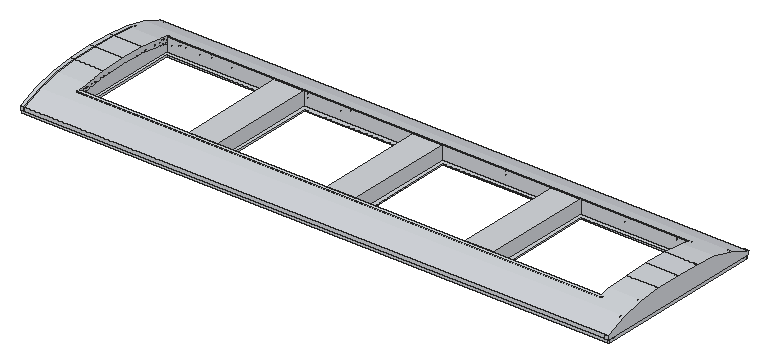
Revit family "Gira_0214808", category Electrical Fixtures, host Face, Revit 2017
Family settings
  Host = Face
  Maintain Annotation Orientation = No
  Round Connector Dimension = Use Diameter
  Part Type = Normal
  Cut with Voids When Loaded = No
  Shared = No
  Room Calculation Point = No
Parameters (values of type "Cov.fr. 4-g interm.fr. AN Gira Event p.white")
  With mounting grid = "No"
  With hinged lid = "No"
  URL = "http://katalog.gira.de/en/datenblatt.html?artikelnr=0214808"
  Type of fastening = "Clamp mounting"
  Transparent = "No"
  Surface protection = "Other"
  Suitable for wall duct = "No"
  Suitable for flush-mounted installation = "No"
  Suitable for floor box = "No"
  Suitable for built-in installation = "No"
  Number of units vertical = "4"
  Number of units horizontal = "4"
  Number of units = "4"
  Name = "Cov.fr. 4-g interm.fr. AN Gira Event p.white"
  Mounting direction = "Horizontal and vertical"
  Material quality = "Thermoplastic"
  Material = "Plastic"
  Manufacturer URL = "https://www.gira.de/"
  Manufacturer = "Gira"
  Label space/information surface = "No"
  Keynote = ""
  HeinzeBIM = "https://bimportal.heinze.de/bim/cov-fr-4-g-interm-fr-an-gira-event-p-white/fc975ef7b4d19d5ce2009d122c327048e2629f8f"
  Halogen free = "Yes"
  HAN = "0214808"
  GTIN = "4010337070146"
  Description = "Cov.fr.4g i.fr.AN Event PW,Gira Event frames,pure white glossy with anthracite intermediate frame,4-gang,Features:,- Shatter-proof."
  Degree of protection (IP) = "IP20"
  Default Elevation = 1219.2 mm
  Data sheet (1) = "https://katalog.gira.de/en/download.html?artikelnr=0214808"
  Colour = "White"
  Category = "Cover frame for domestic switching devices"
  BIM (1) = "https://media.stage.bim.site/public/gira/36a6b08/Event_Rahmen_4fach.rfa"
  Available = "No"
Reference planes
  plane 1 "Center (Front/Back)": y = 0
  plane 2: z = 0
  plane 3 "Center (Left/Right)": x = 0
Forms (mm)
  Extrusion 1, solid, detail levels fine
    sketch origin (0, 0, 0.05) x (0, 1, 0) y (0, 0, 1)
      loop
        arc (12.445, 9.683) -> (6.223, 9.833) -> (0, 9.85) r 291.636
        arc (0, 9.85) -> (-6.223, 9.833) -> (-12.445, 9.683) r 291.636
        arc (-12.445, 9.683) -> (-29.14, 7.482) -> (-45, 1.823) r 79.728
        line (-45, 1.823) -> (-45, -0.05) -> (-42.086, -0.05)
        arc (-42.086, -0.05) -> (-21.385, 5.559) -> (0, 7.206) r 114.424
        arc (0, 7.206) -> (21.385, 5.559) -> (42.086, -0.05) r 114.424
        line (42.086, -0.05) -> (45, -0.05) -> (45, 1.823)
        arc (45, 1.823) -> (29.14, 7.482) -> (12.445, 9.683) r 79.728
    from -151.95 to 151.935
  Extrusion 2, void, detail levels fine
    sketch origin (0, 0, 0) x (1, 0, 0) y (0, 1, 0)
      loop
        line (134.95, 28.035) -> (-134.95, 28.035) -> (-134.95, -28.035) -> (134.95, -28.035) -> (134.95, 28.035)
    from 0.724 to 11
  Extrusion 3, solid, detail levels coarse
    sketch origin (0, 0, 0) x (1, 0, 0) y (0, 1, 0)
      loop
        line (-151.95, 45) -> (-151.95, -45) -> (151.935, -45) -> (151.935, 45) -> (-151.95, 45)
    from -1.5 to 9.9
  Extrusion 4, solid, detail levels medium
    sketch origin (0, 0, 0.05) x (0, 1, 0) y (0, 0, 1)
      loop
        arc (12.445, 9.683) -> (6.223, 9.833) -> (0, 9.85) r 291.636
        arc (0, 9.85) -> (-6.223, 9.833) -> (-12.445, 9.683) r 291.636
        arc (-12.445, 9.683) -> (-29.14, 7.482) -> (-45, 1.823) r 79.728
        line (-45, 1.823) -> (-45, -0.05) -> (45, -0.05) -> (45, 1.823)
        arc (45, 1.823) -> (29.14, 7.482) -> (12.445, 9.683) r 79.728
    from -151.95 to 151.935
  Extrusion 5, solid, detail levels fine
    sketch origin (-106.95, 0, -1.5) x (0, 1, 0) y (0, 0, -1)
      loop
        line (45, -3.373) -> (45, -1.5) -> (-45, -1.5) -> (-45, -3.373)
        arc (-45, -3.373) -> (-29.14, -9.032) -> (-12.445, -11.233) r 79.728
        arc (-12.445, -11.233) -> (-6.223, -11.383) -> (0, -11.4) r 291.636
        arc (0, -11.4) -> (6.223, -11.383) -> (12.445, -11.233) r 291.636
        arc (12.445, -11.233) -> (29.14, -9.032) -> (45, -3.373) r 79.728
    from 43 to 45
  Extrusion 6, solid, detail levels fine
    sketch origin (0, 0, 0) x (1, 0, 0) y (0, 1, 0)
      loop
        line (-132.85, 25.7) -> (-132.85, -25.7) -> (-81.05, -25.7) -> (-81.05, 25.7) -> (-132.85, 25.7)
      loop
        line (-9.755, -25.7) -> (-9.755, 25.7) -> (-61.555, 25.7) -> (-61.555, -25.7) -> (-9.755, -25.7)
      loop
        line (-135.845, 28.49) -> (-135.845, -28.495)
        spline (-135.845, -28.495) -> (-135.836, -28.625) -> (-135.811, -28.754) -> (-135.769, -28.878) -> (-135.711, -28.995) -> (-135.638, -29.104) -> (-135.552, -29.202) -> (-135.454, -29.288) -> (-135.345, -29.361) -> (-135.228, -29.419) -> (-135.104, -29.461) -> (-134.975, -29.486) -> (-134.845, -29.495)
        line (-134.845, -29.495) -> (134.845, -29.495)
        spline (134.845, -29.495) -> (134.975, -29.486) -> (135.104, -29.461) -> (135.228, -29.419) -> (135.345, -29.361) -> (135.454, -29.288) -> (135.552, -29.202) -> (135.638, -29.104) -> (135.711, -28.995) -> (135.769, -28.878) -> (135.811, -28.754) -> (135.836, -28.625) -> (135.845, -28.495)
        line (135.845, -28.495) -> (135.845, 28.49)
        spline (135.845, 28.49) -> (135.836, 28.62) -> (135.811, 28.748) -> (135.769, 28.872) -> (135.711, 28.99) -> (135.638, 29.098) -> (135.552, 29.197) -> (135.454, 29.283) -> (135.345, 29.356) -> (135.228, 29.413) -> (135.104, 29.456) -> (134.975, 29.481) -> (134.845, 29.49)
        line (134.845, 29.49) -> (-134.845, 29.49)
        spline (-134.845, 29.49) -> (-134.975, 29.481) -> (-135.104, 29.456) -> (-135.228, 29.413) -> (-135.345, 29.356) -> (-135.454, 29.283) -> (-135.552, 29.197) -> (-135.638, 29.098) -> (-135.711, 28.99) -> (-135.769, 28.872) -> (-135.811, 28.748) -> (-135.836, 28.62) -> (-135.845, 28.49)
      loop
        line (61.545, -25.7) -> (61.545, 25.7) -> (9.745, 25.7) -> (9.745, -25.7) -> (61.545, -25.7)
      loop
        line (132.85, -25.7) -> (132.85, 25.7) -> (81.05, 25.7) -> (81.05, -25.7) -> (132.85, -25.7)
    from 0.1 to 7.3
  Extrusion 7, solid
    sketch origin (0, 0, 0) x (1, 0, 0) y (0, 1, 0)
      loop
        arc (-151.65, -44.218) -> (-151.504, -44.572) -> (-151.15, -44.718) r 0.5
        line (-151.15, -44.718) -> (151.15, -44.718)
        arc (151.15, -44.718) -> (151.504, -44.572) -> (151.65, -44.218) r 0.5
        line (151.65, -44.218) -> (151.65, 44.182)
        arc (151.65, 44.182) -> (151.504, 44.535) -> (151.15, 44.682) r 0.5
        line (151.15, 44.682) -> (-151.15, 44.682)
        arc (-151.15, 44.682) -> (-151.504, 44.535) -> (-151.65, 44.182) r 0.5
        line (-151.65, 44.182) -> (-151.65, -44.218)
      loop
        line (-149.95, 42.982) -> (-149.95, -43.018) -> (149.95, -43.018) -> (149.95, 42.982) -> (-149.95, 42.982)
    from -1.5 to 0.5
  Extrusion 8, solid, detail levels fine
    sketch origin (106.935, 0, -1.5) x (0, 1, 0) y (0, 0, 1)
      loop
        arc (45, 3.373) -> (29.14, 9.032) -> (12.445, 11.233) r 79.728
        arc (12.445, 11.233) -> (6.223, 11.383) -> (0, 11.4) r 291.636
        arc (0, 11.4) -> (-6.223, 11.383) -> (-12.445, 11.233) r 291.636
        arc (-12.445, 11.233) -> (-29.14, 9.032) -> (-45, 3.373) r 79.728
        line (-45, 3.373) -> (-45, 1.5) -> (45, 1.5) -> (45, 3.373)
    from 43 to 45
  Extrusion 9, solid, detail levels medium
    sketch origin (0, 0, 0) x (1, 0, 0) y (0, 1, 0)
      loop
        line (-151.65, -44.718) -> (151.65, -44.718) -> (151.65, 44.682) -> (-151.65, 44.682) -> (-151.65, -44.718)
    from -1.5 to 0.5
  Extrusion 10, solid, detail levels fine
    sketch origin (-69.857, 0, 0) x (1, 0, 0) y (0, 1, 0)
      loop
        line (-8.943, 28.063) -> (-8.943, -27.937) -> (6.057, -27.937) -> (6.057, 28.063) -> (-8.943, 28.063)
    from 0.724 to 7.566
  Extrusion 11, solid, detail levels fine
    sketch origin (-1.443, 0, 0) x (-1, 0, 0) y (0, -1, 0)
      loop
        line (-8.943, -28.063) -> (6.057, -28.063) -> (6.057, 27.937) -> (-8.943, 27.937) -> (-8.943, -28.063)
    from 0.724 to 7.566
  Extrusion 12, solid, detail levels fine
    sketch origin (69.857, 0, 0) x (-1, 0, 0) y (0, -1, 0)
      loop
        line (-8.943, -28.063) -> (6.057, -28.063) -> (6.057, 27.937) -> (-8.943, 27.937) -> (-8.943, -28.063)
    from 0.724 to 7.566
Cuts and joins
  Extrusion 2 cuts Extrusion 1
  Extrusion 2 cuts Extrusion 6
Dimensions and locks
  aligned and locked: plane 2 to host face
  aligned and locked: level to host face
